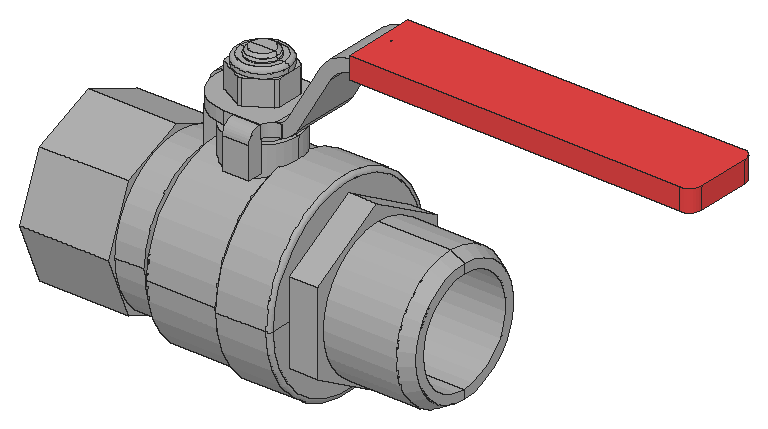
Revit family "QA06140000", category Apparecchi idraulici, Revit 2016
Family settings
  Tipo di parte = Normale
  Quota connettore circolare = Usa diametro
  Numero OmniClass = 23.45.00.00
  Titolo OmniClass = Sanitary, Laundry, and Cleaning Equipment
  Basato su piano di lavoro = No
  Sempre verticale = Sì
  Taglio con vuoti quando caricato = No
  Condiviso = No
  Punto di calcolo locali = No
Parameters
  URL = "https://web.cimberio.it/index.php/figura/166?subcategoria_id=42417"
  DN Model [instance] = QA06141025 : QA06141025
  DN [instance] = 25 mm
Reference planes
  plane 1 "Centro (Fronte/Retro)": y = 0
  plane 2: z = 0
  plane 3 "Centro (Sinistra/Destra)": x = 0
Dimensions and locks
  aligned and locked: level to plane 2
Nested families
  nested 1: "QA06141025" at (0, 0, 0), type <- "DN Model", type "QA06141025"
  nested 2: "QA06141025" at (0, 0, 0), type <- "DN Model", type "QA06141025"
  nested 3: "QA06141025" at (0, 0, 0), type <- "DN Model", type "QA06141025"
  nested 4: "QA06141025" at (0, 0, 0), type <- "DN Model", type "QA06141025"
  nested 5: "QA06141025" at (0, 0, 0), type <- "DN Model", type "QA06141025"
  nested 6: "QA06141025" at (0, 0, 0), type <- "DN Model", type "QA06141025"
Connectors
  piping at (48.6, 0, 0), diameter 25, driven by "DN"
    settings: on nested 1, index 1, connector inside diameter 609.6 mm, connector length 0 mm, flow factor 0, pipe flow 0.0 L/s, pressure drop 0.0 Pa, fitting loss kfactor 0, connector angle 0.00°, fixture units 0, engagement length 0 mm, angle of deflection 0.00°, flow configuration 0, flow direction 0, fitting loss method 0, system type 7, joint type 0, gender type 0, connector reference index -1, connector utility 0, adjustable connector no, is connector primary yes, connector description ""
  piping at (-42, 0, 0), diameter 25, driven by "DN"
    settings: on nested 1, index 2, connector inside diameter 609.6 mm, connector length 0 mm, flow factor 0, pipe flow 0.0 L/s, pressure drop 0.0 Pa, fitting loss kfactor 0, connector angle 0.00°, fixture units 0, engagement length 0 mm, angle of deflection 0.00°, flow configuration 0, flow direction 0, fitting loss method 0, system type 7, joint type 0, gender type 0, connector reference index -1, connector utility 0, adjustable connector no, is connector primary no, connector description ""
Definition of nested family "QA06141025"
  Reference planes
    plane 1 "Centro (Fronte/Retro)": y = 0
    plane 2: z = 0
    plane 3 "Centro (Sinistra/Destra)": x = 0
  Forms (mm)
    Revolve 1, solid
      sketch origin (0, 0, 0.033) x (0, 1, 0) y (-1, 0, 0)
        loop
          line (12.5, 20.6) -> (12.5, -20.6) -> (22.5, -20.6)
          arc (22.5, -20.6) -> (23.207, -20.307) -> (23.5, -19.6) r 1
          line (23.5, -19.6) -> (23.5, -7.6) -> (22.3, -6.4) -> (22.3, 10.1) -> (19, 13.4) -> (19, 20.6) -> (12.5, 20.6)
        axis (0, 20.6) -> (0, -20.6)
      angle from 0 to 360
    Revolve 2, solid
      sketch origin (0, 0, 9.335) x (1, 0, 0) y (0, 0, 1)
        loop
          line (0.073, 23.471) -> (-7.39, 23.471) -> (-7.39, 18.865) -> (-8.62, 18.865) -> (-8.62, 11.542) -> (0.073, 11.542) -> (0.073, 23.471)
        axis (0.073, 11.542) -> (0.073, 23.471)
      angle from 0 to 360
    Revolve 3, solid
      sketch origin (0, 0, 0) x (1, 0, 0) y (0, 0, 1)
        loop
          line (48.6, 14.627) -> (45.4, 16.475) -> (27.6, 16.475) -> (27.6, 12.5) -> (48.6, 12.5) -> (48.6, 14.627)
        axis (48.6, 0) -> (27.6, 0)
      angle from 0 to 360
    Extrusion 4, solid
      sketch origin (0, 0, 0) x (1, 0, 0) y (0, 0, 1)
        loop
          line (-13, 28.2) -> (-13, 19) -> (-8.321, 19) -> (-8.321, 28.2) -> (-13, 28.2)
      from -1.5 to 1.5
    Revolve 5, solid
      sketch origin (0, 0, -1.999) x (1, 0, 0) y (0, 0, 1)
        loop
          arc (6.25, 44) -> (5.957, 44.707) -> (5.25, 45) r 1
          line (5.25, 45) -> (0, 45) -> (0, 43) -> (6.25, 43) -> (6.25, 44)
        axis (0, 45) -> (0, 43)
      angle from 0 to 360
    Extrusion 6, solid
      sketch origin (-16, 0, 0) x (0, 0, 1) y (0, 1, 0)
        loop
          circle (0, 0) r 12.467
        loop
          line (20.5, 0) -> (14.496, 14.496) -> (0, 20.5) -> (-14.496, 14.496) -> (-20.5, 0) -> (-14.496, -14.496) -> (0, -20.5) -> (14.496, -14.496) -> (20.5, 0)
      from 4.6 to 26
    Extrusion 7, solid
      sketch origin (0, 0, 0) x (0, 1, 0) y (0, 0, 1)
        loop
          circle (0, 0) r 12.5
        loop
          line (0, 20.25) -> (-18, 9.858) -> (-18, -9.858) -> (0, -20.25) -> (18, -9.858) -> (18, 9.858) -> (0, 20.25)
      from 20.6 to 27.6
    Extrusion 8, solid
      sketch origin (0, 0, 50.316) x (0, 1, 0) y (-1, 0, 0)
        loop
          arc (7.244, -0.284) -> (7.248, 0.185) -> (7.22, 0.654) r 7.25
          line (7.22, 0.654) -> (3.868, 6.132)
          arc (3.868, 6.132) -> (3.463, 6.369) -> (3.044, 6.58) r 7.25
          line (3.044, 6.58) -> (-3.377, 6.416)
          arc (-3.377, 6.416) -> (-3.784, 6.184) -> (-4.176, 5.926) r 7.25
          line (-4.176, 5.926) -> (-7.244, 0.284)
          arc (-7.244, 0.284) -> (-7.248, -0.185) -> (-7.22, -0.654) r 7.25
          line (-7.22, -0.654) -> (-3.868, -6.132)
          arc (-3.868, -6.132) -> (-3.463, -6.369) -> (-3.044, -6.58) r 7.25
          line (-3.044, -6.58) -> (3.377, -6.416)
          arc (3.377, -6.416) -> (3.784, -6.184) -> (4.176, -5.926) r 7.25
          line (4.176, -5.926) -> (7.244, -0.284)
      from -15.315 to -9.315
    Extrusion 9, solid
      sketch origin (0, 0, 50.316) x (0, 1, 0) y (-1, 0, 0)
        loop
          line (1.7, 10.7) -> (-0.7, 10.7)
          arc (-0.7, 10.7) -> (-7.771, 7.771) -> (-10.7, 0.7) r 10
          line (-10.7, 0.7) -> (-10.7, -8.041)
          arc (-10.7, -8.041) -> (-8.777, -8.998) -> (-8, -11) r 2.974
          line (-8, -11) -> (8, -11) -> (8, 10.7) -> (1.7, 10.7)
      from -18.315 to -15.315
    Extrusion 10, solid
      sketch origin (0, 0, 0) x (1, 0, 0) y (0, 0, 1)
        loop
          arc (-10.7, 34.969) -> (-13.2, 33.646) -> (-14.2, 31.001) r 4
          line (-14.2, 31.001) -> (-14.2, 24.528) -> (-11.2, 24.528) -> (-11.2, 31.001)
          arc (-11.2, 31.001) -> (-10.76, 32.062) -> (-9.699, 32.502) r 1.501
          line (-9.699, 32.502) -> (-9.699, 34.969) -> (-10.7, 34.969)
      from -8 to -1.7
    Extrusion 11, solid
      sketch origin (0, 0, 0) x (1, 0, 0) y (0, 0, 1)
        loop
          arc (12.51, 36.751) -> (11.247, 35.48) -> (9.52, 35.001) r 3.5
          line (9.52, 35.001) -> (9.52, 32.001)
          arc (9.52, 32.001) -> (12.748, 32.882) -> (15.11, 35.252) r 6.5
          line (15.11, 35.252) -> (23.045, 48.998)
          arc (23.045, 48.998) -> (25.136, 51.133) -> (27.997, 51.996) r 6
          line (27.997, 51.996) -> (27.997, 54.997)
          arc (27.997, 54.997) -> (23.637, 53.732) -> (20.449, 50.501) r 9
          line (20.449, 50.501) -> (12.51, 36.751)
      from -8 to 8
    Extrusion 12, solid
      sketch origin (0, 0, 50.316) x (0, 1, 0) y (-1, 0, 0)
        loop
          line (8.75, -27.997) -> (-8.75, -27.997) -> (-9.473, -107.97)
          arc (-9.473, -107.97) -> (-8.604, -110.108) -> (-6.473, -110.997) r 3
          line (-6.473, -110.997) -> (6.473, -110.997)
          arc (6.473, -110.997) -> (8.604, -110.108) -> (9.473, -107.97) r 3
          line (9.473, -107.97) -> (8.75, -27.997)
      from 0.671 to 5.822
    Revolve 13, solid
      sketch origin (0, 0, 0) x (1, 0, 0) y (0, 0, 1)
        loop
          line (0, 44.501) -> (0, 42.249) -> (3.882, 42.249) -> (3.882, 43.101) -> (2.654, 43.318) -> (3.56, 43.841) -> (2.9, 44.501) -> (0, 44.501)
        axis (0, 44.501) -> (0, 42.249)
      angle from 0 to 360
    Extrusion 14, solid
      sketch origin (-16, 0, 0) x (0, 0, 1) y (0, 1, 0)
        loop
          line (35.001, -10.7) -> (32.001, -10.7) -> (24.528, -10.7) -> (24.528, -14.2) -> (32.001, -14.2)
          arc (32.001, -14.2) -> (34.305, -13.14) -> (35.001, -10.7) r 3.036
      from -24 to -17.7
  Dimensions and locks
    aligned and locked: level to plane 2
